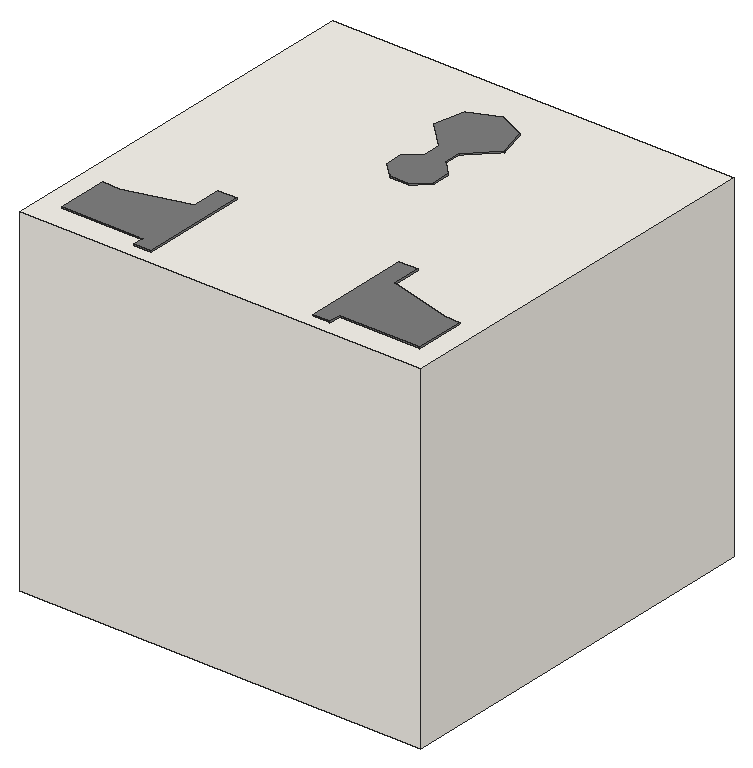
Revit family "Domotics-DomesticRanges-GEWISS-CHORUS_POWER-SOCKET-OUTLET_MULTISTANDARD", category Apparecchi elettrici, host Superficie, Revit 2016
Family settings
  Host = Superficie
  Mantenere orientamento annotazione = Sì
  Tipo di parte = Normale
  Quota connettore circolare = Usa diametro
  Taglio con vuoti quando caricato = Sì
  Condiviso = Sì
  Punto di calcolo locali = Sì
Parameters (values of type "GW14310 - MULTISTANDARD SOCKET OUTLET TITANIUM")
  Volt = 230 V
  Vista in pianta [instance] = yes
  Version file RFA = "19.0"
  URL = "https://www.gewiss.com/ww/en"
  Tipo_ = CHORUS PRESE INDIA SUDAFRICA_GENERICO : TITANIO
  Technical sheet = "https://www.gewiss.com/ww/en/search?q=GW14310"
  TXT ELETTRICO = "15"
  Simbolo [instance] = yes
  Realized by GEWISS S.p.A. = ""
  Default Elevation = 1219.2 mm
  Produttore = "GEWISS S.p.A."
  Offset presa [instance] = 0 mm
  Offset bidimensionale [instance] = 2 mm
  N. poli = 2
  Modello = "GW14310"
  Immagine tipo = GW14310.jpg
  IFC.TypeObject = ""
  IFC.ExportType = ""
  IFC.ExportAs = ""
  IDT = "ac5b5f1b-473c-47f8-aca9-a946d0340a4d"
  IDF = "c8cb9e08-9141-46ff-9284-b9ac4634f669"
  Electrocod = "0131                "
  EAN code = "8011564795044"
  Distanza_x [instance] = 0 mm
  Distanza_effettiva_x [instance] = 1000 mm - Distanza_x  # 1000 mm
  Descrizione = "MULTISTANDARD SOCKET OUTLET TITANIUM"
  Catalogue Range = "CHORUS - DOMESTIC RANGE"
  Catalogue = "DOMOTICS"
  Carico apparente = 0 VA
  COBie.Tagnumber = ""
  COBie.CreatedOn = ""
  COBie.CreatebBy = ""
  COBie.ComponentRegisterItemID = ""
  COBie.Component.TagNumber = ""
  COBie.Component.Space = ""
  COBie.Component.SerialNumber = ""
  COBie.Component.InstallationDate = ""
  COBie.Component.Description = ""
  COBie.Component.BarCode = ""
Types (3, lengths in mm): name | Tipo_ | Technical sheet | Modello | Immagine tipo | IDT | EAN code | Descrizione
  GW10310 - MULTISTANDARD SOCKET OUTLET WHITE | CHORUS PRESE INDIA SUDAFRICA_GENERICO : BIANCO | "https://www.gewiss.com/ww/en/search?q=GW10310" | "GW10310" | GW10310.jpg | "a1c10ab7-6808-46fa-bb35-49286ea67ad1" | "8011564795020" | "MULTISTANDARD SOCKET OUTLET WHITE"
  GW12310 - MULTISTANDARD SOCKET OUTLET BLACK | CHORUS PRESE INDIA SUDAFRICA_GENERICO : NERO | "https://www.gewiss.com/ww/en/search?q=GW12310" | "GW12310" | GW12310.jpg | "eb4a19b0-ecd7-4cea-8df5-6f2d1dbfaf2a" | "8011564795037" | "MULTISTANDARD SOCKET OUTLET BLACK"
  GW14310 - MULTISTANDARD SOCKET OUTLET TITANIUM | CHORUS PRESE INDIA SUDAFRICA_GENERICO : TITANIO | "https://www.gewiss.com/ww/en/search?q=GW14310" | "GW14310" | GW14310.jpg | "ac5b5f1b-473c-47f8-aca9-a946d0340a4d" | "8011564795044" | "MULTISTANDARD SOCKET OUTLET TITANIUM"
Reference planes
  plane 1 "Centro (Fronte/Retro)": y = 0
  plane 2: z = 0
  plane 3 "Centro (Sinistra/Destra)": x = 0
  plane 4: x = -1000
  plane 5: x = 0
  plane 6: z = 0
  plane 7 "Piano bidimensionale": z = 41
  plane 8: z = 39
  plane 9: x = -23
  plane 10: x = 23
Lines and regions (mm)
  Masking region 1, visible <- "Vista in pianta"
    outline origin (0, 0, 0) x (1, 0, 0) y (0, 1, 0)
      loop
        line (-23, 22.5) -> (-23, -22.5) -> (23, -22.5) -> (23, 22.5) -> (-23, 22.5)
  Masking region 2, visible <- "Vista in pianta"
    outline origin (0, 0, 0) x (0, 1, 0) y (0, 0, 1)
      loop
        line (22.5, 0) -> (22.5, 39) -> (-22.5, 39) -> (-22.5, 0) -> (22.5, 0)
  Masking region 3
    outline origin (0, 0, 0) x (1, 0, 0) y (0, 0, 1)
      loop
        line (-23, 39) -> (-23, 0) -> (23, 0) -> (23, 39) -> (-23, 39)
  Masking region 4
    outline origin (0, 0, 0) x (1, 0, 0) y (0, 0, 1)
      loop
        line (23, 39) -> (-23, 39) -> (-23, 0) -> (23, 0) -> (23, 39)
  model lines, style "0", detail levels coarse
    curve 1: line (23, -22.5, 41) -> (-23, -22.5, 41)
    curve 2: line (-23, -22.5, 41) -> (-23, 22.5, 41)
    curve 3: line (-23, 22.5, 41) -> (23, 22.5, 41)
    curve 4: line (23, 22.5, 41) -> (23, -22.5, 41)
  model lines, style "0", not visible, detail levels coarse
    curve 5: line (111.427, 15.779, 41) -> (65.427, 15.779, 41)
    curve 6: line (65.427, 15.779, 41) -> (65.427, 60.779, 41)
    curve 7: line (65.427, 60.779, 41) -> (111.427, 60.779, 41)
    curve 8: line (111.427, 60.779, 41) -> (111.427, 15.779, 41)
  model lines
    curve 9: line (0, 18.163, 0) -> (-3.149, 16.63, 0)
    curve 10: line (-3.149, 16.63, 0) -> (-4.064, 13.266, 0)
    curve 11: line (-4.064, 13.266, 0) -> (-1.123, 10.324, 0)
    curve 12: line (-1.123, 10.324, 0) -> (-1.123, 8.454, 0)
    curve 13: line (-1.123, 8.454, 0) -> (-2.716, 6.861, 0)
    curve 14: line (-2.716, 6.861, 0) -> (-2.716, 4.843, 0)
    curve 15: line (-2.716, 4.843, 0) -> (-1.123, 3.25, 0)
    curve 16: line (-1.123, 3.25, 0) -> (1.123, 3.25, 0)
    curve 17: line (1.123, 3.25, 0) -> (2.716, 4.843, 0)
    curve 18: line (2.716, 4.843, 0) -> (2.716, 6.861, 0)
    curve 19: line (2.716, 6.861, 0) -> (1.123, 8.454, 0)
    curve 20: line (1.123, 8.454, 0) -> (1.123, 10.324, 0)
    curve 21: line (1.123, 10.324, 0) -> (4.064, 13.266, 0)
    curve 22: line (4.064, 13.266, 0) -> (3.149, 16.63, 0)
    curve 23: line (3.149, 16.63, 0) -> (0, 18.163, 0)
    curve 24: line (9.311, -8.468, 0) -> (9.311, -20.821, 0)
    curve 25: line (9.311, -20.821, 0) -> (11.311, -20.821, 0)
    curve 26: line (11.311, -20.821, 0) -> (11.311, -19.516, 0)
    curve 27: line (11.311, -19.516, 0) -> (20.534, -19.516, 0)
    curve 28: line (20.534, -19.516, 0) -> (20.534, -13.71, 0)
    curve 29: line (20.534, -13.71, 0) -> (18.675, -13.71, 0)
    curve 30: line (18.675, -13.71, 0) -> (11.486, -11.755, 0)
    curve 31: line (11.486, -11.755, 0) -> (11.486, -8.468, 0)
    curve 32: line (11.486, -8.468, 0) -> (9.311, -8.468, 0)
    curve 33: line (9.311, -8.468, 0) -> (9.311, -20.821, 0)
    curve 34: line (-9.311, -8.468, 0) -> (-9.311, -20.821, 0)
    curve 35: line (-9.311, -20.821, 0) -> (-11.311, -20.821, 0)
    curve 36: line (-11.311, -20.821, 0) -> (-11.311, -19.516, 0)
    curve 37: line (-11.311, -19.516, 0) -> (-20.534, -19.516, 0)
    curve 38: line (-20.534, -19.516, 0) -> (-20.534, -13.71, 0)
    curve 39: line (-20.534, -13.71, 0) -> (-18.675, -13.71, 0)
    curve 40: line (-18.675, -13.71, 0) -> (-11.486, -11.755, 0)
    curve 41: line (-11.486, -11.755, 0) -> (-11.486, -8.468, 0)
    curve 42: line (-11.486, -8.468, 0) -> (-9.311, -8.468, 0)
    curve 43: line (-9.311, -8.468, 0) -> (-9.311, -20.821, 0)
  model lines, not visible
    curve 44: line (88.427, 56.443, 0) -> (85.278, 54.909, 0)
    curve 45: line (85.278, 54.909, 0) -> (84.362, 51.545, 0)
    curve 46: line (84.362, 51.545, 0) -> (87.304, 48.604, 0)
    curve 47: line (87.304, 48.604, 0) -> (87.304, 46.733, 0)
    curve 48: line (87.304, 46.733, 0) -> (85.711, 45.14, 0)
    curve 49: line (85.711, 45.14, 0) -> (85.711, 43.123, 0)
    curve 50: line (85.711, 43.123, 0) -> (87.304, 41.53, 0)
    curve 51: line (87.304, 41.53, 0) -> (89.549, 41.53, 0)
    curve 52: line (89.549, 41.53, 0) -> (91.142, 43.123, 0)
    curve 53: line (91.142, 43.123, 0) -> (91.142, 45.14, 0)
    curve 54: line (91.142, 45.14, 0) -> (89.549, 46.733, 0)
    curve 55: line (89.549, 46.733, 0) -> (89.549, 48.604, 0)
    curve 56: line (89.549, 48.604, 0) -> (92.491, 51.545, 0)
    curve 57: line (92.491, 51.545, 0) -> (91.576, 54.909, 0)
    curve 58: line (91.576, 54.909, 0) -> (88.427, 56.443, 0)
    curve 59: line (97.738, 29.812, 0) -> (97.738, 17.458, 0)
    curve 60: line (97.738, 17.458, 0) -> (99.737, 17.458, 0)
    curve 61: line (99.737, 17.458, 0) -> (99.737, 18.763, 0)
    curve 62: line (99.737, 18.763, 0) -> (108.961, 18.763, 0)
    curve 63: line (108.961, 18.763, 0) -> (108.961, 24.569, 0)
    curve 64: line (108.961, 24.569, 0) -> (107.102, 24.569, 0)
    curve 65: line (107.102, 24.569, 0) -> (99.913, 26.525, 0)
    curve 66: line (99.913, 26.525, 0) -> (99.913, 29.812, 0)
    curve 67: line (99.913, 29.812, 0) -> (97.738, 29.812, 0)
    curve 68: line (97.738, 29.812, 0) -> (97.738, 17.458, 0)
    curve 69: line (79.115, 29.812, 0) -> (79.115, 17.458, 0)
    curve 70: line (79.115, 17.458, 0) -> (77.116, 17.458, 0)
    curve 71: line (77.116, 17.458, 0) -> (77.116, 18.763, 0)
    curve 72: line (77.116, 18.763, 0) -> (67.893, 18.763, 0)
    curve 73: line (67.893, 18.763, 0) -> (67.893, 24.569, 0)
    curve 74: line (67.893, 24.569, 0) -> (69.752, 24.569, 0)
    curve 75: line (69.752, 24.569, 0) -> (76.94, 26.525, 0)
    curve 76: line (76.94, 26.525, 0) -> (76.94, 29.812, 0)
    curve 77: line (76.94, 29.812, 0) -> (79.115, 29.812, 0)
    curve 78: line (79.115, 29.812, 0) -> (79.115, 17.458, 0)
Dimensions and locks
  plane 4 to plane 3 "Centro (Sinistra/Destra)" = 1000 mm
  "Distanza_effettiva_x": plane 4 to plane 5
  "Offset presa": plane 6 to host face
  locked: plane 8 to plane 6 at 39
  equal spacing: plane 10, plane 5, plane 9
  "Offset bidimensionale": plane 8 to plane 7 "Piano bidimensionale"
  aligned and locked: plane 2 to host face
  aligned and locked: level to host face
  aligned and locked: plane 5 to nested 1
  aligned and locked: plane 3 "Centro (Sinistra/Destra)" to nested 2
  aligned and locked: plane 1 "Centro (Fronte/Retro)" to nested 2
  aligned and locked: Masking region 1 sketch curve to nested 2  (x4)
  aligned and locked: nested 2 to plane 6
  aligned and locked: nested 2 to plane 8  (x2)
  aligned and locked: plane 8 to nested 2
  aligned and locked: Masking region 2 sketch curve to nested 2  (x2)
  aligned and locked: Masking region 2 to plane 6
  aligned and locked: plane 6 to nested 2  (x2)
  aligned and locked: Masking region 2 to plane 8
  aligned and locked: plane 9 to nested 2
  aligned and locked: plane 10 to nested 2
  aligned and locked: plane 9 to Masking region 3 sketch curve
  aligned and locked: plane 8 to Masking region 3 sketch curve
  aligned and locked: Masking region 3 sketch curve to plane 10
  aligned and locked: plane 6 to Masking region 3 sketch curve
  aligned and locked: plane 9 to Masking region 4 sketch curve
  aligned and locked: plane 8 to Masking region 4 sketch curve
  aligned and locked: Masking region 4 sketch curve to plane 10
  aligned and locked: plane 6 to Masking region 4 sketch curve
Automatic sketch dimensions
  host sketch curve to host sketch curve = 2438.4 mm  (x2)
  curve 2 to curve 2 = 45 mm
  curve 2 to curve 3 = 46 mm
  Masking region 2 sketch curve to level = 0 mm
  Masking region 2 sketch curve to plane 7 "Piano bidimensionale" = 2 mm
  curve 38 to curve 39 = 1.859 mm
  curve 39 to curve 41 = 7.189 mm
  curve 40 to curve 36 = 0.176 mm
  curve 41 to curve 43 = 2.175 mm
  curve 34 to curve 11 = 5.247 mm
  curve 10 to curve 9 = 0.915 mm
  curve 10 to curve 15 = 1.348 mm
  curve 13 to curve 11 = 1.593 mm
  curve 14 to curve 15 = 1.593 mm
  curve 9 to curve 23 = 3.149 mm  (x2)
  curve 11 to curve 20 = 2.245 mm
  curve 15 to curve 16 = 2.245 mm
  curve 16 to curve 18 = 1.593 mm  (x2)
  curve 22 to curve 22 = 0.915 mm
  curve 16 to curve 32 = 8.189 mm
  curve 24 to curve 26 = 1.999 mm
  curve 24 to curve 31 = 2.175 mm
  curve 30 to curve 29 = 7.189 mm
  curve 29 to curve 28 = 1.859 mm
  curve 34 to curve 25 = 0 mm
  curve 25 to curve 28 = 1.305 mm
  curve 35 to curve 37 = 1.305 mm
  curve 27 to curve 28 = 5.806 mm
  curve 37 to curve 39 = 5.806 mm
  curve 29 to curve 30 = 1.956 mm
  curve 39 to curve 41 = 1.956 mm
  curve 30 to curve 24 = 3.287 mm
  curve 40 to curve 41 = 3.287 mm
  curve 24 to curve 17 = 11.718 mm
  curve 15 to curve 15 = 1.593 mm
  curve 14 to curve 14 = 2.017 mm
  curve 17 to curve 18 = 2.017 mm
  curve 13 to curve 12 = 1.593 mm
  curve 12 to curve 20 = 0 mm
  curve 12 to curve 12 = 1.871 mm
  curve 19 to curve 20 = 1.871 mm
  curve 20 to curve 22 = 2.942 mm
  curve 11 to curve 11 = 2.942 mm
  curve 10 to curve 10 = 3.364 mm
  curve 21 to curve 23 = 3.364 mm
  curve 22 to curve 9 = 1.533 mm
  curve 6 to curve 6 = 45 mm
  curve 6 to curve 7 = 46 mm
  curve 73 to curve 74 = 1.859 mm
  curve 74 to curve 76 = 7.189 mm
  curve 75 to curve 71 = 0.176 mm
  curve 76 to curve 78 = 2.175 mm
  curve 69 to curve 46 = 5.247 mm
  curve 45 to curve 44 = 0.915 mm
  curve 45 to curve 50 = 1.348 mm
  curve 48 to curve 46 = 1.593 mm
  curve 49 to curve 50 = 1.593 mm
  curve 44 to curve 58 = 3.149 mm  (x2)
  curve 46 to curve 55 = 2.245 mm
  curve 50 to curve 51 = 2.245 mm
  curve 51 to curve 53 = 1.593 mm  (x2)
  curve 57 to curve 57 = 0.915 mm
  curve 51 to curve 67 = 8.189 mm
  curve 59 to curve 61 = 1.999 mm
  curve 59 to curve 66 = 2.175 mm
  curve 65 to curve 64 = 7.189 mm
  curve 64 to curve 63 = 1.859 mm
  curve 69 to curve 60 = 0 mm
  curve 60 to curve 63 = 1.305 mm
  curve 70 to curve 72 = 1.305 mm
  curve 62 to curve 63 = 5.806 mm
  curve 72 to curve 74 = 5.806 mm
  curve 64 to curve 65 = 1.956 mm
  curve 74 to curve 76 = 1.956 mm
  curve 65 to curve 59 = 3.287 mm
  curve 75 to curve 76 = 3.287 mm
  curve 59 to curve 52 = 11.718 mm
  curve 50 to curve 50 = 1.593 mm
  curve 49 to curve 49 = 2.017 mm
  curve 52 to curve 53 = 2.017 mm
  curve 48 to curve 47 = 1.593 mm
  curve 47 to curve 55 = 0 mm
  curve 47 to curve 47 = 1.871 mm
  curve 54 to curve 55 = 1.871 mm
  curve 55 to curve 57 = 2.942 mm
  curve 46 to curve 46 = 2.942 mm
  curve 45 to curve 45 = 3.364 mm
  curve 56 to curve 58 = 3.364 mm
  curve 57 to curve 44 = 1.533 mm
Nested families
  nested 1: "SIMBOLO PRESE" at (0, 100, 0), TESTO ELETTRICO <- "TXT ELETTRICO", SIMBOLO <- "Simbolo", visible <- "Simbolo", type "PRESA"
    with TESTO ELETTRICO "15", SIMBOLO yes, Distanza dal muro 4.208 mm, BORDO ACCESO yes
  nested 2: "CHORUS PRESE INDIA SUDAFRICA_GENERICO" at (0, 0, 0), type <- "Tipo_", type "TITANIO", detail levels medium+fine
Connectors
  electrical at (0, 0, 0), driven by "N. poli", driven by "Volt", driven by "Carico apparente"
    settings: on nested 2, index 1, voltage 230 V, apparent load 0 VA, apparent load phase1 0 VA, apparent load phase2 0 VA, apparent load phase3 0 VA, power factor 1, load classification "Altro", number of poles 2, system type 31, power factor state 1, is connector primary yes, connector utility no, sub classification motor no, connector description ""
Definition of nested family "CHORUS PRESE INDIA SUDAFRICA_GENERICO"
  Parameters (values of type "NERO")
    Profondità presa = 39 mm
    Finitura Prese = none
    Altezza da Terra = 750 mm
  Types (3): name
    NERO
    BIANCO
    TITANIO
  Reference planes
    plane 1 "Centro (Fronte/Retro)": y = 0
    plane 2: z = 0
    plane 3 "Centro (Sinistra/Destra)": x = 0
    plane 4: x = -23
    plane 5: x = 23
    plane 6: z = 34
    plane 7: z = 36.5
    plane 8: z = 39
  Forms (mm)
    Extrusion 1, solid, material <- "Finitura Prese"
      sketch origin (0, 0, 0) x (1, 0, 0) y (0, 1, 0)
        loop
          line (-23, 22.5) -> (-23, -22.5) -> (23, -22.5) -> (23, 22.5) -> (-23, 22.5)
      from 0 to 39
    Extrusion 2, solid
      sketch origin (0, 0, 0) x (1, 0, 0) y (0, 1, 0)
        loop
          line (-18.675, -13.71) -> (-20.534, -13.71) -> (-20.534, -19.516) -> (-11.311, -19.516) -> (-11.311, -20.821) -> (-9.311, -20.821) -> (-9.311, -8.468) -> (-11.486, -8.468) -> (-11.486, -11.755) -> (-18.675, -13.71)
        loop
          line (18.675, -13.71) -> (11.486, -11.755) -> (11.486, -8.468) -> (9.311, -8.468) -> (9.311, -20.821) -> (11.311, -20.821) -> (11.311, -19.516) -> (20.534, -19.516) -> (20.534, -13.71) -> (18.675, -13.71)
        loop
          line (-1.123, 10.324) -> (-1.123, 8.454) -> (-2.716, 6.861) -> (-2.716, 4.843) -> (-1.123, 3.25) -> (1.123, 3.25) -> (2.716, 4.843) -> (2.716, 6.861) -> (1.123, 8.454) -> (1.123, 10.324) -> (4.064, 13.266) -> (3.149, 16.63) -> (0, 18.163) -> (-3.149, 16.63) -> (-4.064, 13.266) -> (-1.123, 10.324)
      from 0 to 39.1
  Dimensions and locks
    locked: plane 4 to plane 5 at 46
    "Profondità presa": plane 8 to level
    aligned and locked: level to plane 2
  Automatic sketch dimensions
    Extrusion 1 sketch curve to plane 1 "Centro (Fronte/Retro)" = 22.5 mm
    plane 1 "Centro (Fronte/Retro)" to Extrusion 1 sketch curve = 22.5 mm
    Extrusion 1 sketch curve to plane 5 = 0 mm
    Extrusion 1 sketch curve to plane 4 = 0 mm
    Extrusion 2 sketch curve to plane 3 "Centro (Sinistra/Destra)" = 0 mm
    Extrusion 2 sketch curve to plane 3 "Centro (Sinistra/Destra)" = 1.123 mm  (x2)
    Extrusion 2 sketch curve to Extrusion 2 sketch curve = 1.593 mm  (x4)
    Extrusion 2 sketch curve to plane 3 "Centro (Sinistra/Destra)" = 3.149 mm
    Extrusion 2 sketch curve to Extrusion 2 sketch curve = 0.915 mm  (x2)
    Extrusion 2 sketch curve to plane 3 "Centro (Sinistra/Destra)" = 9.311 mm
    Extrusion 2 sketch curve to Extrusion 2 sketch curve = 1.999 mm  (x2)
    Extrusion 2 sketch curve to Extrusion 2 sketch curve = 2.175 mm  (x2)
    plane 4 to Extrusion 2 sketch curve = 4.325 mm
    plane 4 to Extrusion 2 sketch curve = 2.466 mm
    plane 3 "Centro (Sinistra/Destra)" to Extrusion 2 sketch curve = 1.123 mm  (x2)
    plane 3 "Centro (Sinistra/Destra)" to Extrusion 2 sketch curve = 3.149 mm
    plane 3 "Centro (Sinistra/Destra)" to Extrusion 2 sketch curve = 9.311 mm
    Extrusion 2 sketch curve to plane 5 = 4.325 mm
    Extrusion 2 sketch curve to plane 5 = 2.466 mm
    plane 1 "Centro (Fronte/Retro)" to Extrusion 2 sketch curve = 20.821 mm
    Extrusion 2 sketch curve to Extrusion 2 sketch curve = 0 mm  (x2)
    Extrusion 2 sketch curve to Extrusion 2 sketch curve = 1.305 mm  (x2)
    Extrusion 2 sketch curve to Extrusion 2 sketch curve = 5.806 mm  (x2)
    Extrusion 2 sketch curve to Extrusion 2 sketch curve = 1.956 mm  (x2)
    Extrusion 2 sketch curve to Extrusion 2 sketch curve = 3.287 mm  (x2)
    Extrusion 2 sketch curve to plane 1 "Centro (Fronte/Retro)" = 4.843 mm  (x2)
    Extrusion 2 sketch curve to Extrusion 2 sketch curve = 2.017 mm  (x2)
    Extrusion 2 sketch curve to Extrusion 2 sketch curve = 1.871 mm  (x2)
    Extrusion 2 sketch curve to Extrusion 2 sketch curve = 2.942 mm  (x2)
    Extrusion 2 sketch curve to Extrusion 2 sketch curve = 3.364 mm  (x2)
    Extrusion 2 sketch curve to Extrusion 2 sketch curve = 1.533 mm
Definition of nested family "SIMBOLO PRESE"
  Parameters (values of type "PRESA")
    TESTO ELETTRICO [instance] = "TXT"
    Simbolo = SIMBOLO PRESE_BASE : PRESA
    SIMBOLO [instance] = yes
    Distanza dal muro [instance] = 4.208 mm
    BORDO ACCESO [instance] = yes
  Reference planes
    plane 1: y = 0
    plane 2: x = 0
  Dimensions and locks
    aligned and locked: plane 2 to nested 1
  Nested families
    nested 1: "SIMBOLO PRESE_BASE" at (0, 0, 0), type <- "Simbolo", TESTO ELETTRICO <- "TESTO ELETTRICO", BORDO ACCESO <- "BORDO ACCESO", visible <- "SIMBOLO", type "PRESA"
      with TESTO ELETTRICO "TXT", BORDO ACCESO yes
  Definition of nested family "SIMBOLO PRESE_BASE"
    Parameters (values of type "PRESA")
      TESTO ELETTRICO [instance] = "TXT"
      Distanza dal muro = 4.208 mm
      BORDO ACCESO [instance] = yes
    Reference planes
      plane 1: y = 0
      plane 2: x = 0
    Lines and regions (mm)
      detail lines, visible <- "BORDO ACCESO", not visible
        curve 1: line (-1.743, 9.208, 0) -> (2.057, 9.208, 0)
        curve 2: line (2.057, 9.208, 0) -> (2.057, 4.208, 0)
        curve 3: line (2.057, 4.208, 0) -> (-1.743, 4.208, 0)
        curve 4: line (-1.743, 4.208, 0) -> (-1.743, 9.208, 0)
        curve 5: line (-1.543, 9.008, 0) -> (1.857, 9.008, 0)
        curve 6: line (1.857, 9.008, 0) -> (1.857, 4.408, 0)
        curve 7: line (1.857, 4.408, 0) -> (-1.543, 4.408, 0)
        curve 8: line (-1.543, 4.408, 0) -> (-1.543, 9.008, 0)
      detail lines
        curve 9: line (0.783, 1.133, 0) -> (-0.783, 1.133, 0)
        curve 10: line (0, 1.133, 0) -> (0, 0.349, 0)
        curve 11: arc (-0.783, 1.916, 0) -> (0, 1.133, 0) -> (0.783, 1.916, 0) r 0.783
    Text (mm)
      label "TXT" at (0.016, 1.578, 0), shows "TESTO ELETTRICO"
